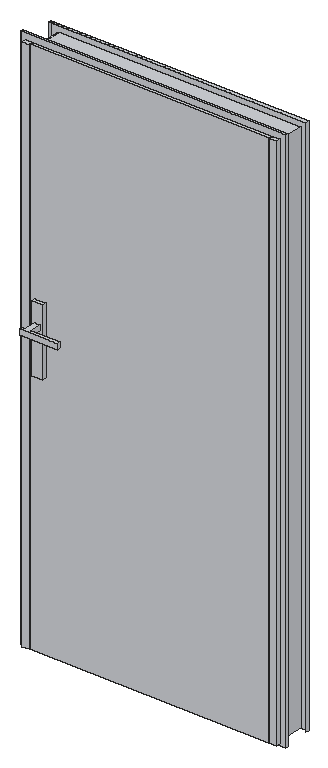
Revit family "Enduro_pelne", category Drzwi, Revit 2016
Family settings
  Obiekt nadrzędny = Ściana
  Zawsze pionowo = Tak
  Tnij formami wycięć po wczytaniu = Nie
  Współdzielony = Nie
  Punkt obliczania pomieszczeń = Nie
Parameters (values of type "PN 90")
  Wysokość = 2055 mm
  Zakończenie ściany = Wg obiektu nadrzędnego
  URL = "www.porta.com.pl"
  Szerokość = 985 mm
  Ss = 952 mm
  Sb = 964 mm
  Producent = "PORTA KMI POLAND"  # constant formula
  Description = ""
  Materiał_skrzydło [instance] = none
  Materiał_ramiak_stal [instance] = none
  Materiał_ościeżnica [instance] = none
  Materiał_klamka [instance] = none
  Konstrukcja analityczna = "<Brak>"
  Informacja = "Własność Porta KMI Poland, wszelkie prawa zastrzeżone."  # constant formula
  Hs = 2030 mm
  Funkcja = Wewnętrzna
Types (5, lengths in mm): name | Szerokość | Ss | Sb
  PN 60 | 675 | 644 | 656
  PN 70 | 775 | 744 | 756
  PN 80 | 875 | 844 | 856
  PN 90 | 985 | 952 | 964
  PN 100 | 1075 | 1044 | 1056
Reference planes
  plane 1: y = 0
  plane 2 "Środek (Lewa/Prawa)": x = 0
  plane 3 "Lewy": x = -492.5
  plane 4 "Prawy": x = 492.5
  plane 5: z = 2055
  plane 6 "Zewnętrzna": y = 75
  plane 7 "Wewnętrzna": y = -75
  plane 8 "skrzydło": y = -61.695
Forms (mm)
  Sweep 1, solid, material <- "Materiał_ościeżnica"
    path in 3D
      loop
        line (-492.5, -75, 0) -> (-492.5, -75, 2055) -> (492.5, -75, 2055) -> (492.5, -75, 0)
    profile origin (-492.5, -75, 1027.5) x (0, -1, 0) y (1, 0, 0)
      loop
        line (-14.005, 25.5) -> (-14.005, 40.5) -> (-115, 40.5) -> (-115, 10.5) -> (-105, 10.5) -> (-105, 11.7) -> (-113.8, 11.7) -> (-113.8, 39.3) -> (-30.705, 39.3) -> (-30.705, 24.3) -> (8.8, 24.3) -> (8.8, -3.3) -> (0, -3.3) -> (0, -4.5) -> (10, -4.5) -> (10, 25.5) -> (-14.005, 25.5)
Lines and regions (mm)
  Opening 1
    outline origin (-3050, -75, 0) x (1, 0, 0) y (0, 0, 1)
      loop
        line (2557.5, 0) -> (3542.5, 0) -> (3542.5, 2055) -> (2557.5, 2055) -> (2557.5, 0)
  symbolic lines, style "DoorsPanelProjection"
    curve 1: line (476, -75, 0) -> (476, -1027, 0)
    curve 2: line (476, -1027, 0) -> (436, -1027, 0)
    curve 3: line (436, -1027, 0) -> (436, -75, 0)
    curve 4: line (436, -75, 0) -> (476, -75, 0)
  symbolic lines, style "Plan Swing"
    curve 5: arc (-476, -75, 0) -> (-197.166, -748.166, 0) -> (476, -1027, 0) r 952
  sketch lines
    curve 6: line (-492.5, -75, 0) -> (-492.5, -75, 2055)
    curve 7: line (-492.5, -75, 2055) -> (492.5, -75, 2055)
    curve 8: line (492.5, -75, 2055) -> (492.5, -75, 0)
Text (mm)
  text "Zewnętrzna" at (-2295.016, 1099.543, 0), in view "Poziom odniesienia"
  text "Zewnętrzna" at (0, 1615.38, 3698.081), in view "Lewy"
  text "Zewnętrzna" at (0, 1036.032, 3874.932), in view "Prawy"
Dimensions and locks
  equal spacing: plane 3 "Lewy", plane 2 "Środek (Lewa/Prawa)", plane 4 "Prawy"
  "Szerokość": plane 3 "Lewy" to plane 4 "Prawy"
  "Wysokość": plane 5 to host wall
  host wall to plane 5 = 2055 mm  (x2)
  locked: plane 6 "Zewnętrzna" to host wall at 0
  locked: plane 7 "Wewnętrzna" to host wall
  "Ss": curve 2 to plane 7 "Wewnętrzna"
  locked: curve 3 to curve 1 at 40
  equal spacing: curve 5, plane 2 "Środek (Lewa/Prawa)", curve 1
  locked: plane 7 "Wewnętrzna" to plane 8 "skrzydło" at 13.305
  locked: Sweep 1 sketch curve to Sweep 1 sketch curve at 30
  locked: Sweep 1 sketch curve to Sweep 1 sketch curve at 15  (x2)
  "Sb": Sweep 1 to Sweep 1
  equal spacing: nested 1, plane 2 "Środek (Lewa/Prawa)", nested 1
  locked: nested 1 to level at 8
  aligned and locked: plane 3 "Lewy" to Opening 1 sketch curve
  aligned and locked: plane 5 to Opening 1 sketch curve  (x2)
  aligned and locked: Opening 1 sketch curve to plane 4 "Prawy"
  aligned and locked: Opening 1 sketch curve to level
  aligned and locked: plane 1 to host wall
  aligned and locked: Sweep 1 sketch curve to plane 7 "Wewnętrzna"
  aligned and locked: plane 8 "skrzydło" to nested 1
Automatic sketch dimensions
  curve 3 to host wall = 0 mm
  curve 5 to host wall = 0 mm
  profile plane to Sweep 1 sketch curve = 115 mm
  Sweep 1 sketch curve to profile plane = 4.5 mm
  Sweep 1 sketch curve to Sweep 1 sketch curve = 1.2 mm  (x6)
  Sweep 1 sketch curve to Sweep 1 sketch curve = 10 mm
  Sweep 1 sketch curve to Sweep 1 sketch curve = 16.7 mm
  profile plane to Sweep 1 sketch curve = 30.705 mm
  Sweep 1 sketch curve to Sweep 1 sketch curve = 8.8 mm
Nested families
  nested 1: "Enduro_pełne" at (0, -61.695, 0), Materiał_skrzydło_płyta <- "Materiał_skrzydło", Materiał_klamka <- "Materiał_klamka", Materiał_ramiak_stal <- "Materiał_ramiak_stal", type "Enduro_pełne"
    with Materiał_skrzydło_płyta none, Materiał_ramiak_stal none, Materiał_klamka none
Definition of nested family "Enduro_pełne"
  Parameters
    Ss = 952 mm
    Materiał_skrzydło_płyta [instance] = none
    Materiał_ramiak_stal [instance] = none
    Materiał_klamka [instance] = none
    Hs = 2030 mm
  Reference planes
    plane 1 "Tył": y = 0
    plane 2: z = 0
    plane 3 "Środek (Lewa/Prawa)": x = 0
    plane 4 "Lewa": x = -476
    plane 5 "Prawa": x = 476
    plane 6 "Przód": y = -40.5
    plane 7: z = 2038
    plane 8 "Centrum": y = -20.25
    plane 9: x = -449
    plane 10: z = 8
    plane 11: x = 449
  Forms (mm)
    Sweep 1, solid, material <- "Materiał_ramiak_stal"
      path origin (0, -20.25, 0) x (-1, 0, 0) y (0, 0, 1)
        loop
          line (449, 2025) -> (449, 8)
      profile "Profil_rama : Profil_rama" origin (-449, -20.25, 1016.5) x (-1, 0, 0) y (0, 1, 0)
        loop
          line (14, 20.9) -> (0, 20.9) -> (0, -5.6) -> (14, -5.6) -> (14, 20.9)
    Sweep 2, solid, material <- "Materiał_ramiak_stal"
      path origin (0, -20.25, 0) x (-1, 0, 0) y (0, 0, 1)
        loop
          line (449, 2038) -> (449, 8)
      profile "Profil_rama_przylga : Profil_rama_przylga" origin (-449, -20.25, 1023) x (-1, 0, 0) y (0, 1, 0)
        loop
          line (27, -5.6) -> (0, -5.6) -> (0, -20.9) -> (27, -20.9) -> (27, -5.6)
    Sweep 3, solid, material <- "Materiał_ramiak_stal"
      path origin (0, -20.25, 0) x (1, 0, 0) y (0, 0, 1)
        loop
          line (449, 2025) -> (449, 8)
      profile "Profil_rama : Profil_rama" origin (449, -20.25, 1016.5) x (-1, 0, 0) y (0, 1, 0)
        loop
          line (-14, 20.9) -> (-14, -5.6) -> (0, -5.6) -> (0, 20.9) -> (-14, 20.9)
    Sweep 4, solid, material <- "Materiał_ramiak_stal"
      path origin (0, -20.25, 0) x (1, 0, 0) y (0, 0, 1)
        loop
          line (449, 2038) -> (449, 8)
      profile "Profil_rama_przylga : Profil_rama_przylga" origin (449, -20.25, 1023) x (-1, 0, 0) y (0, 1, 0)
        loop
          line (-27, -5.6) -> (-27, -20.9) -> (0, -20.9) -> (0, -5.6) -> (-27, -5.6)
    Extrusion 5, solid, material <- "Materiał_skrzydło_płyta"
      sketch origin (0, 0, 0) x (1, 0, 0) y (0, 0, 1)
        loop
          line (-449, 2025) -> (-449, 8) -> (449, 8) -> (449, 2025) -> (-449, 2025)
      from 0 to 25.85
    Extrusion 6, solid, material <- "Materiał_skrzydło_płyta"
      sketch origin (0, -40.5, 0) x (-1, 0, 0) y (0, 0, 1)
        loop
          line (449, 2038) -> (-449, 2038) -> (-449, 8) -> (449, 8) -> (449, 2038)
      from 0 to 14.65
  Lines and regions (mm)
    symbolic lines
      curve 1: line (-476, -40.5, 8) -> (-476, -40.5, 2038)
      curve 2: line (-476, -40.5, 2038) -> (476, -40.5, 2038)
      curve 3: line (476, -40.5, 2038) -> (476, -40.5, 8)
      curve 4: line (476, -40.5, 8) -> (-476, -40.5, 8)
      curve 5: line (-449, -40.5, 8) -> (-449, -40.5, 2038)
      curve 6: line (449, -40.5, 2038) -> (449, -40.5, 8)
  Dimensions and locks
    equal spacing: plane 4 "Lewa", plane 3 "Środek (Lewa/Prawa)", plane 5 "Prawa"
    "Ss": plane 4 "Lewa" to plane 5 "Prawa"
    equal spacing: plane 1 "Tył", plane 8 "Centrum", plane 6 "Przód"
    locked: plane 4 "Lewa" to plane 9 at 27
    locked: plane 10 to level at 8
    "Hs": plane 7 to plane 10
    locked: plane 5 "Prawa" to plane 11 at 27
    locked: plane 9 to nested 1 at 20.956
    locked: nested 1 to plane 10 at 933.008
    locked: nested 3 to Extrusion 5 at 20.956
    locked: plane 10 to nested 3 at 933.008
    aligned and locked: Sweep 1 sketch curve to plane 9
    aligned and locked: plane 10 to Sweep 1 sketch curve
    aligned and locked: plane 9 to Sweep 2 sketch curve
    aligned and locked: plane 7 to Sweep 2 sketch curve
    aligned and locked: plane 10 to Sweep 2 sketch curve
    aligned and locked: plane 11 to Sweep 3 sketch curve
    aligned and locked: Sweep 4 sketch curve to plane 11
    aligned and locked: plane 9 to Extrusion 5 sketch curve
    aligned and locked: Extrusion 5 sketch curve to plane 11
    aligned and locked: plane 10 to Extrusion 5 sketch curve
    aligned and locked: Extrusion 5 to Sweep 2
    aligned and locked: Extrusion 6 sketch curve to plane 9
    aligned and locked: plane 11 to Extrusion 6 sketch curve
    aligned and locked: Extrusion 6 sketch curve to plane 10
    aligned and locked: Extrusion 6 sketch curve to plane 7
    aligned and locked: Extrusion 6 to Extrusion 5
    aligned and locked: nested 1 to plane 6 "Przód"
    aligned and locked: curve 1 to Sweep 2
    aligned and locked: curve 2 to Extrusion 6
    aligned and locked: curve 3 to Sweep 4
    aligned and locked: curve 4 to Extrusion 6
    aligned and locked: curve 5 to Extrusion 6
    aligned and locked: curve 6 to Extrusion 6
    aligned and locked: plane 3 "Środek (Lewa/Prawa)" to nested 2
  Automatic sketch dimensions
    Sweep 1 sketch curve to plane 7 = 13 mm
    Sweep 3 sketch curve to plane 10 = 0 mm
    plane 7 to Sweep 3 sketch curve = 13 mm
    Sweep 4 sketch curve to plane 10 = 0 mm
    Sweep 4 sketch curve to plane 7 = 0 mm
    Extrusion 5 sketch curve to plane 7 = 13 mm
    curve 6 to plane 7 = 0 mm
    curve 6 to plane 11 = 0 mm
    curve 5 to plane 9 = 0 mm
    curve 1 to plane 10 = 0 mm
  Nested families
    nested 1: "KLAMKA" at (-408.044, -40.5, 1066.008), Materiał klamki <- "Materiał_klamka", type "KLAMKA"
      with Materiał klamki none
    nested 2: "logo_porta" at (0, 0, 110) x (1, 0, 0) z (0, -1, 0), type "logo_porta"
    nested 3: "KLAMKA" at (-408.044, 0, 1066.008), Materiał klamki <- "Materiał_klamka", type "KLAMKA"
      with Materiał klamki none
  Definition of nested family "KLAMKA"
    Parameters
      Materiał klamki [instance] = none
      Assembly Code = ""
      Default Elevation = 1219.2 mm
    Reference planes
      plane 1 "Center (Front/Back)": y = 0
      plane 2: z = 0
      plane 3 "Center (Left/Right)": x = 0
      plane 4: z = 125
      plane 5: z = -125
      plane 6: x = 20
      plane 7: x = -20
      plane 8: y = -70
      plane 9: y = -60
      plane 10: x = 10
      plane 11: x = -10
      plane 12: x = 120
      plane 13: z = 35
      plane 14: z = 55
      plane 15: y = -15
    Forms (mm)
      Extrusion 1, solid, material <- "Materiał klamki"
        sketch origin (0, 0, 0) x (1, 0, 0) y (0, 0, 1)
          loop
            line (-20, 125) -> (-20, -125) -> (20, -125) -> (20, 125) -> (-20, 125)
        from 0 to 15
      Extrusion 2, solid, material <- "Materiał klamki"
        sketch origin (0, 0, 0) x (1, 0, 0) y (0, 1, 0)
          loop
            line (-10, -15) -> (-10, -60) -> (-20, -60) -> (-20, -70) -> (120, -70) -> (120, -60) -> (10, -60) -> (10, -15) -> (-10, -15)
        from 35 to 55
    Dimensions and locks
      equal spacing: plane 4, plane 2, plane 5
      plane 4 to plane 5 = 250 mm
      equal spacing: plane 7, plane 3 "Center (Left/Right)", plane 6
      plane 7 to plane 6 = 40 mm
      plane 8 to plane 1 "Center (Front/Back)" = 70 mm
      plane 11 to plane 3 "Center (Left/Right)" to plane 10 = 10 mm locked, 10 mm locked
      plane 7 to plane 12 = 140 mm
      plane 15 to plane 1 "Center (Front/Back)" = 15 mm
      aligned and locked: plane 7 to Extrusion 1 sketch curve
      aligned and locked: Extrusion 1 sketch curve to plane 4
      aligned and locked: plane 5 to Extrusion 1 sketch curve
      aligned and locked: Extrusion 1 sketch curve to plane 6
      aligned and locked: plane 15 to Extrusion 1
      aligned and locked: Extrusion 1 to plane 1 "Center (Front/Back)"
      aligned and locked: plane 14 to Extrusion 2
      aligned and locked: Extrusion 2 to plane 13
    Automatic sketch dimensions
      Extrusion 2 sketch curve to plane 7 = 0 mm
      Extrusion 2 sketch curve to plane 9 = 0 mm  (x2)
      Extrusion 2 sketch curve to plane 11 = 0 mm
      Extrusion 2 sketch curve to plane 10 = 0 mm
      Extrusion 2 sketch curve to plane 12 = 0 mm
      Extrusion 2 sketch curve to plane 8 = 0 mm
      Extrusion 2 sketch curve to plane 15 = 0 mm
  Definition of nested family "logo_porta"
    Reference planes
      plane 1 "Środek (Przód/Tył)": y = 0
      plane 2: z = 0
      plane 3 "Środek (Lewa/Prawa)": x = 0
